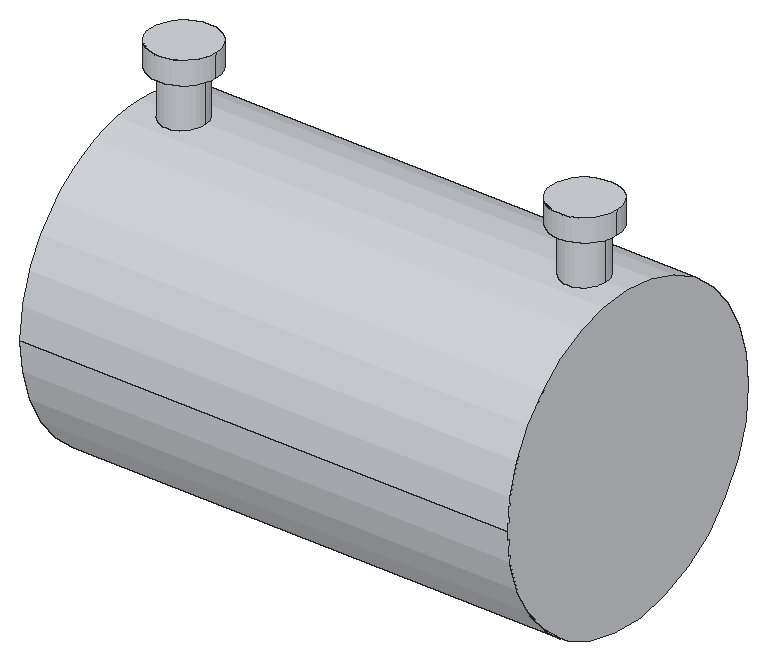
Revit family "M_Conexão de conduíte - Parafuso - Aço", category Conexões do conduite, Revit 2019
Family settings
  Cota do conector redondo = Usar raio
  Tipo de parte = União
  Número OmniClass = 23.80.30.17.11
  Título OmniClass = Conduits
  ID de item do Seek = Conduit Coupling - Set Screw - Steel-0000-CAN-ENU
  Com base no plano de trabalho = Não
  Sempre na vertical = Sim
  Corte com vazios quando carregada = Não
  Compartilhado = Não
Parameters (values of type "Padrão")
  Raio 2 [instance] = 0.75 * Comprimento 1  # 2.551 mm
  Raio 1 [instance] = 0.5 * Comprimento 1  # 1.701 mm
  Raio nominal [instance] = 8 mm
  Diâmetro nominal [instance] = Raio nominal * 2  # 16 mm
  Comprimento 3 [instance] = 1.3 * Raio externo da conexão  # 15.478 mm
  Comprimento 2 [instance] = 0.15 * Raio externo da conexão  # 1.786 mm
  Comprimento 1 [instance] = Diâmetro externo da conexão / 7  # 3.402 mm
  Raio externo da conexão [instance] = Diâmetro externo da conexão / 2  # 11.906 mm
  Diâmetro externo da conexão [instance] = size_lookup(Pesquisa de tamanho de conduite, "FOD", 1.22 * Diâmetro nominal + 6.35 mm, Diâmetro nominal)  # 23.813 mm
  Comprimento [instance] = size_lookup(Pesquisa de tamanho de conduite, "Lgt", 1.15 * Diâmetro nominal + 26.69 mm, Diâmetro nominal)  # 38.497 mm
  Pesquisa de tamanho de conduite = "M_Conduit Coupling - Set Screw - Steel"
Reference planes
  plane 1 "Centro (Frente/Trás)": y = 0
  plane 2: z = 0
  plane 3 "Centro (Esquerda/Direita)": x = 0
  plane 4: x = 38.497
  plane 5: x = 19.248
  plane 6: x = 3.402
  plane 7: x = 35.095
  plane 8: z = 15.478
  plane 9: z = 17.264
Forms (mm)
  Sweep 1, solid, detail levels fine
    path in 3D
      loop
        line (0, 0, 0) -> (38.497, 0, 0)
    profile origin (19.248, 0, 0) x (0, 1, 0) y (0, 0, 1)
      loop
        circle (0, 0) r 11.906
  Extrusion 2, solid, detail levels fine
    sketch origin (0, 0, 0) x (1, 0, 0) y (0, 1, 0)
      loop
        circle (3.402, 0) r 1.701
    from 0 to 15.478
  Extrusion 3, solid, detail levels fine
    sketch origin (0, 0, 0) x (1, 0, 0) y (0, 1, 0)
      loop
        circle (35.095, 0) r 1.701
    from 0 to 15.478
  Extrusion 4, solid, detail levels fine
    sketch origin (0, 0, 0) x (1, 0, 0) y (0, 1, 0)
      loop
        circle (3.402, 0) r 2.551
      loop
        circle (35.095, 0) r 2.551
    from 15.478 to 17.264
Cuts and joins
  joined: Sweep 1, Extrusion 2, Extrusion 3, Extrusion 4
Lines and regions (mm)
  model lines, detail levels coarse+medium
    curve 1: line (0, 0, 0) -> (38.497, 0, 0)
  sketch lines
    curve 2: line (0, 0, 0) -> (38.497, 0, 0)
Dimensions and locks
  "Comprimento": plane 3 "Centro (Esquerda/Direita)" to plane 4
  equal spacing: plane 3 "Centro (Esquerda/Direita)", plane 5, plane 4
  "Comprimento 1": plane 3 "Centro (Esquerda/Direita)" to plane 6
  equal spacing: plane 6, plane 5, plane 7
  "Comprimento 3": plane 8 to plane 2
  "Comprimento 2": plane 9 to plane 8
  "Raio externo da conexão": radius of Sweep 1 sketch curve
  "Raio 1": radius of Extrusion 2 sketch curve
  "Raio 1": radius of Extrusion 3 sketch curve
  "Raio 2": radius of Extrusion 4 sketch curve  (x2)
  aligned and locked: plane 3 "Centro (Esquerda/Direita)" to curve 1
  aligned and locked: plane 4 to curve 1
  aligned and locked: plane 1 "Centro (Frente/Trás)" to curve 1
  aligned and locked: plane 1 "Centro (Frente/Trás)" to Sweep 1 sketch curve
  aligned and locked: plane 2 to Sweep 1 sketch curve
  aligned and locked: plane 1 "Centro (Frente/Trás)" to Extrusion 2 sketch curve
  aligned and locked: plane 1 "Centro (Frente/Trás)" to Extrusion 3 sketch curve
  aligned and locked: plane 7 to Extrusion 3 sketch curve
  aligned and locked: Extrusion 3 to plane 2
  aligned and locked: plane 8 to Extrusion 3
  aligned and locked: Extrusion 2 to plane 2
  aligned and locked: plane 8 to Extrusion 2
  aligned and locked: plane 1 "Centro (Frente/Trás)" to Extrusion 4 sketch curve
  aligned and locked: plane 6 to Extrusion 4 sketch curve
  aligned and locked: plane 7 to Extrusion 4 sketch curve
  aligned and locked: Extrusion 4 to plane 8
  aligned and locked: plane 9 to Extrusion 4
Automatic sketch dimensions
  Extrusion 2 sketch curve to plane 6 = 0 mm
  plane 1 "Centro (Frente/Trás)" to Extrusion 4 sketch curve = 0 mm
Connectors
  cabletrayconduit at (0, 0, 0), diameter 16, driven by "Raio nominal"
    settings: on cut or joined group of Sweep 1, Extrusion 2, Extrusion 3, Extrusion 4, index 1, connector width 304.8 mm, connector height 304.8 mm, connector angle 0.00°, system type 32, placement type 0, profile type 0, connector reference index 2, is primary connector yes, connector utility param no, connector description ""
  cabletrayconduit at (38.497, 0, 0), diameter 16, driven by "Raio nominal"
    settings: on cut or joined group of Sweep 1, Extrusion 2, Extrusion 3, Extrusion 4, index 2, connector width 304.8 mm, connector height 304.8 mm, connector angle 0.00°, system type 32, placement type 0, profile type 0, connector reference index 1, is primary connector no, connector utility param no, connector description ""
